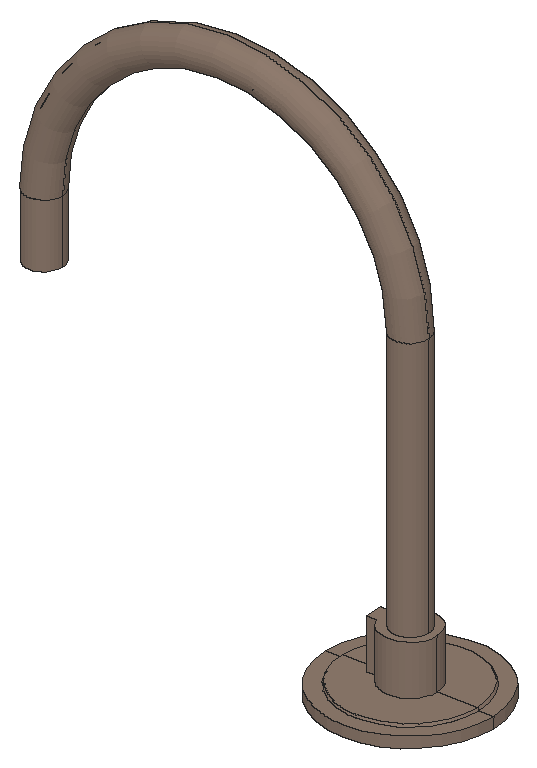
Revit family "E39", category Generic Models, Revit 2014
Parameters
  PLATE = Bronze, Architectural
  E39 ARM = Bronze, Architectural
Reference planes (in)
  plane 1 "Center (Front/Back)": y = 0
  plane 2: z = 0
  plane 3 "Center (Left/Right)": x = 0
Forms (in)
  Sweep 1, solid, material "Bronze, Architectural" <- "E39 ARM"
    path in 3D
      loop
        line (-10.5, 0, 7.50837) -> (-10.5, 0, 9.35)
        arc (-10.5, 0, 9.35) -> (-5.25, 0, 14.6) -> (0, 0, 9.35) r 5.25
        line (0, 0, 9.35) -> (0, 0, 0.375)
    profile origin (-5.25, 0, 14.6) x (0, 0, 1) y (0, -1, 0)
      loop
        circle (0, 0) r 0.52871
      loop
        circle (0, 0) r 0.4147
  Revolve 2, solid, material "Bronze, Architectural" <- "PLATE"
    sketch origin (-2.40625, 0, 8.24385) x (0, 0, -1) y (1, 0, 0)
      loop
        line (8.24385, 2.8125) -> (8.24385, 4.8125) -> (7.93135, 4.8125) -> (7.93135, 4.37965) -> (7.86885, 4.34274) -> (7.86885, 2.8125) -> (8.24385, 2.8125)
      axis (8.24385, 2.40625) -> (7.86885, 2.40625)
    angle from 0 to 360
  Revolve 3, solid, material "Bronze, Architectural" <- "PLATE"
    sketch origin (-2.40625, 0, 8.24385) x (0, 0, -1) y (1, 0, 0)
      loop
        line (7.86885, 3.1875) -> (6.43135, 3.1875) -> (6.43135, 2.93125) -> (7.86885, 2.93125) -> (7.86885, 3.1875)
      axis (7.86885, 2.40625) -> (6.43135, 2.40625)
    angle from 0 to 360
  Extrusion 4, solid, material "Bronze, Architectural" <- "PLATE"
    sketch origin (-2.40625, 0, 8.24385) x (0, 0, -1) y (1, 0, 0)
      loop
        line (6.43135, 1.78959) -> (6.43135, 1.375) -> (7.86885, 1.375) -> (7.86885, 1.78959) -> (6.43135, 1.78959)
    from -0.25 to 0.25
Cuts and joins
  joined: Revolve 2, Revolve 3, Extrusion 4
Lines and regions (in)
  model lines
    curve 1: line (-10.5, 0, 7.50837) -> (-10.5, 0, 9.35)
    curve 2: arc (-10.5, 0, 9.35) -> (-5.25, 0, 14.6) -> (0, 0, 9.35) r 5.25
  sketch lines
    curve 3: arc (-10.5, 0, 9.35) -> (-5.25, 0, 14.6) -> (0, 0, 9.35) r 5.25
    curve 4: line (-10.5, 0, 7.50837) -> (-10.5, 0, 9.35)
    curve 5: line (0, 0, 9.35) -> (0, 0, 0.375)
Dimensions and locks (in)
  aligned and locked: plane 2 to level
